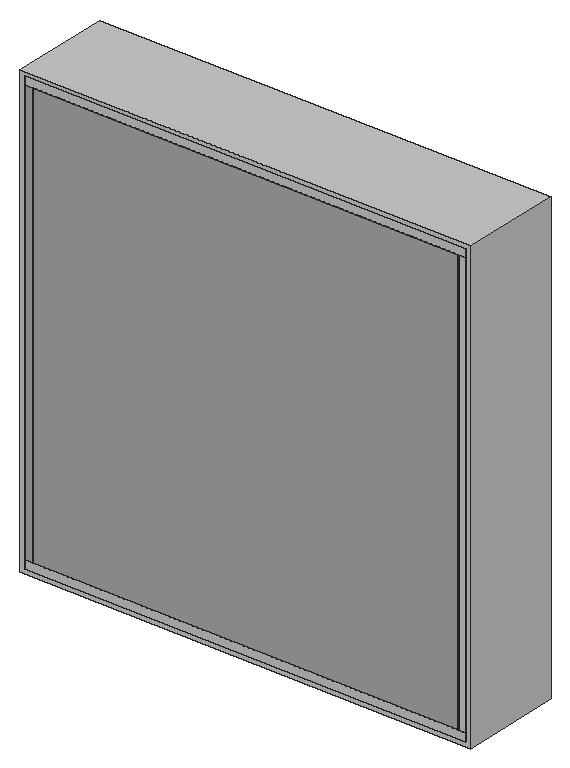
Revit family
Parameters (values of type "Louver_Acoustical_FAA-1245_All-Lite")
  Warranty = "http://www.alllite-louvers.com/All-Lite_Warranty.pdf"
  URL = "http://www.alllite-louvers.com"
  Specifications = "http://www.alllite-louvers.com/catalog/AFAA-1245-csi-specification.doc"
  Spacing = 0.99 ft
  SmartBIM Object Version = 3  # constant formula
  SmartBIM Object Created By = "Reed Construction Data"  # constant formula
  Shim Thickness = 0.042 ft
  Screen Width = Width - (2 * Shim Thickness)  # 4.416 ft
  Screen Height = Height - (2 * Shim Thickness) - 0.166667 ft  # 4.249333 ft
  Screen = Aluminum
  Rough Width = 0.0 ft
  Rough Height = 0.0 ft
  Product URL = "http://www.alllite-louvers.com/catalog.php?model=FAA-1245"
  Pressure Loss (in.wg.) = "0.09"
  OmniClass Title = "Exterior Louvers and Grilles"  # constant formula
  OmniClass Code = "23-60 11 17"  # constant formula
  Model = "FAA-1245"  # constant formula
  Minimum Size = "12\" x 36\""
  Maximum Size - Single Section = "48\" x 120\""
  Maximum Size - Multiple Section = "Unlimited"
  Manufacturer = "All-Lite"  # constant formula
  Blades Width = Width - (2 * Shim Thickness) - 0.166667 ft  # 4.249333 ft
  Blades = Galvannealed Steel
  Height = 4.5 ft
  Free Area for 48”x48” Louver = "26.3%"
  Free Area Velocity (fpm) = "999"
  Free Area (ft²) for 48"x48" Louver = 4.2 ft
  Frame = Galvannealed Steel
  Default Sill Height = 3.0 ft
  Wall Closure = (empty or 0)
  Width = 4.5 ft
  Cut Sheet = "http://www.alllite-louvers.com/catalog/AFAA1245.pdf"
  Assembly Code = "B2010300"
  Air Volume Delivered (cfm) = "4,196"
  95 CSI = "10200 "  # constant formula
  04 CSI = "08 91 00"  # constant formula
  # of Blades = (Height - 0.25 ft) / (Spacing) - 1  # 3
Reference planes (ft)
  plane 1 "Center (Front/Back)": y = 0
  plane 2: z = 0.291667
  plane 3 "Center (Left/Right)": x = 0
  plane 4 "Left": x = -2.25
  plane 5 "Right": x = 2.25
  plane 6 "Sill": z = 3.291667
  plane 7 "Top": z = 7.791667
  plane 8: x = -2.208
  plane 9: x = 2.208
  plane 10: z = 7.749667
  plane 11: z = 3.333667
  plane 12: z = 5.541667
  plane 13: z = 3.417
  plane 14: z = 7.666333
  plane 15: z = 4.417
  plane 16: z = 5.679805
  plane 17: z = 7.173236
  plane 18: x = 2.124667
  plane 19: x = -2.124667
Forms (ft)
  Sweep 1, solid, material "Galvannealed Steel" <- "Frame"
    path origin (-5, 0.5, 0) x (-1, 0, 0) y (0, 0, 1)
      loop
        line (-7.208, 7.749667) -> (-2.792, 7.749667)
    profile "Horizontal Mullion : Horizontal Mullion" origin (0, 0.5, 7.749667) x (0, 0, 1) y (0, 1, 0)
      loop
        line (0, 0) -> (-0.083333, 0) -> (-0.083333, -1) -> (0, -1) -> (0, -0.99349) -> (-0.076583, -0.99349) -> (-0.076583, -0.006628) -> (0, -0.006628) -> (0, 0)
  Sweep 2, solid, material "Galvannealed Steel" <- "Frame"
    path origin (-5, 0.5, 0) x (-1, 0, 0) y (0, 0, 1)
      loop
        line (-7.208, 3.333667) -> (-2.792, 3.333667)
    profile "Horizontal Mullion : Horizontal Mullion" origin (0, 0.5, 3.333667) x (0, 0, 1) y (0, 1, 0)
      loop
        line (0, 0) -> (0, -0.006628) -> (0.076583, -0.006628) -> (0.076583, -0.99349) -> (0, -0.99349) -> (0, -1) -> (0.083333, -1) -> (0.083333, 0) -> (0, 0)
  Sweep 3, solid, material "Galvannealed Steel" <- "Frame"
    path origin (-5, 0.5, 0) x (-1, 0, 0) y (0, 0, 1)
      loop
        line (-7.208, 3.417) -> (-7.208, 7.666333)
    profile "Vertical Mullion : Vertical Mullion" origin (2.208, 0.5, 5.541667) x (1, 0, 0) y (0, 1, 0)
      loop
        line (0, -0.99349) -> (-0.076823, -0.99349) -> (-0.076823, -0.00651) -> (0, -0.00651) -> (0, 0) -> (-0.083333, 0) -> (-0.083333, -1) -> (0, -1) -> (0, -0.99349)
  Sweep 4, solid, material "Galvannealed Steel" <- "Frame"
    path origin (5, 0.5, 0) x (1, 0, 0) y (0, 0, -1)
      loop
        line (-7.208, -3.417) -> (-7.208, -7.666333)
    profile "Vertical Mullion-1 : Vertical Mullion-1" origin (-2.208, 0.5, 5.541667) x (1, 0, 0) y (0, 1, 0)
      loop
        line (0, -0.986979) -> (0, -0.99349) -> (0.083333, -0.99349) -> (0.083333, 0) -> (0, 0) -> (0, -0.00651) -> (0.076823, -0.00651) -> (0.076823, -0.986979) -> (0, -0.986979)
  Sweep 5, solid, material "Galvannealed Steel" <- "Frame"
    path origin (-5, 0.5, 0) x (-1, 0, 0) y (0, 0, 1)
      loop
        line (-2.75, 7.791667) -> (-7.25, 7.791667) -> (-7.25, 3.291667) -> (-2.75, 3.291667) -> (-2.75, 7.791667)
    profile origin (-2.25, 0.5, 5.541667) x (0, 1, 0) y (-1, 0, 0)
      loop
        line (0, 0) -> (-1, 0) -> (-1, -0.042) -> (0, -0.042) -> (0, 0)
  Extrusion 6, solid, material "Aluminum" <- "Screen"
    sketch origin (-5, 0.5, 0) x (-1, 0, 0) y (0, 0, 1)
      loop
        line (-2.792, 7.666333) -> (-7.208, 7.666333) -> (-7.208, 3.417) -> (-2.792, 3.417) -> (-2.792, 7.666333)
    from -0.99349 to -1
  Extrusion 7, solid, material "Galvannealed Steel" <- "Blades"
    sketch origin (0, 0, 0) x (0, 1, 0) y (0, 0, 1)
      loop
        line (-0.49349, 7.666333) -> (0.493372, 6.679472) -> (0.493372, 7.666333) -> (-0.49349, 7.666333)
    from -2.124667 to 2.124667
  Extrusion 8, solid, material "Galvannealed Steel" <- "Blades"
    sketch origin (0, 0, 0) x (0, 1, 0) y (0, 0, 1)
      loop
        line (-0.486979, 3.417) -> (0.480352, 3.417)
        arc (0.480352, 3.417) -> (0.21015, 4.12349) -> (-0.486979, 4.417) r 0.963217
        line (-0.486979, 4.417) -> (-0.486979, 3.417)
    from -2.124667 to 2.124667
Lines and regions (ft)
  Opening 1
    outline origin (-5, -0.5, 0) x (1, 0, 0) y (0, 0, 1)
      loop
        line (2.75, 7.791667) -> (2.75, 3.291667) -> (7.25, 3.291667) -> (7.25, 7.791667) -> (2.75, 7.791667)
  Masking region 1, detail levels coarse+medium
    outline origin (0, 0, 0) x (1, 0, 0) y (0, 1, 0)
      loop
        line (-2.124667, 0.5) -> (-2.25, 0.5) -> (-2.25, -0.5) -> (-2.124667, -0.5) -> (-2.124667, 0.5)
      loop
        line (2.25, -0.5) -> (2.25, 0.5) -> (2.124667, 0.5) -> (2.124667, -0.5) -> (2.25, -0.5)
  Masking region 2, detail levels fine
    outline origin (0, 0, 0) x (1, 0, 0) y (0, 1, 0)
      loop
        line (2.131177, 0.49349) -> (2.208, 0.49349) -> (2.208, 0.5) -> (2.124667, 0.5) -> (2.124667, -0.5) -> (2.208, -0.5) -> (2.208, -0.49349) -> (2.131177, -0.49349) -> (2.131177, 0.49349)
      loop
        line (-2.124667, 0.5) -> (-2.208, 0.5) -> (-2.208, 0.49349) -> (-2.131177, 0.49349) -> (-2.131177, -0.486979) -> (-2.208, -0.486979) -> (-2.208, -0.49349) -> (-2.124667, -0.49349) -> (-2.124667, 0.5)
Text (ft)
  text "EXTERIOR" at (-4.890733, 4.242245, 0), in view "Ref. Level"
  text "INTERIOR" at (-4.890733, -3.147199, 0), in view "Ref. Level"
  text "Exterior" at (0, 3.638026, 10.266337), in view "Left"
  text "Exterior" at (0, 1.524487, 10.420622), in view "Right"
Dimensions and locks (ft)
  equal spacing: plane 4 "Left", plane 3 "Center (Left/Right)", plane 5 "Right"
  "Width": plane 4 "Left" to plane 5 "Right"
  "Height": plane 6 "Sill" to plane 7 "Top"
  "Default Sill Height": plane 2 to plane 6 "Sill"
  "Shim Thickness": plane 4 "Left" to plane 8
  "Shim Thickness": plane 9 to plane 5 "Right"
  "Shim Thickness": plane 10 to plane 7 "Top"
  "Shim Thickness": plane 6 "Sill" to plane 11
  equal spacing: plane 11, plane 12, plane 10
  locked: plane 13 to plane 11 at 0.083333
  locked: plane 10 to plane 14 at 0.083333
  Extrusion 6 to plane 6 "Sill" = 0.125333 ft
  locked: plane 14 to Extrusion 7 sketch curve at 0.986862
  locked: plane 15 to plane 13 at 1
  equal spacing: group 1, group 3, group 2  (x3)
  locked: plane 7 "Top" to plane 17 at 0.618431
  locked: plane 18 to plane 9 at 0.083333
  locked: plane 19 to plane 8 at 0.083333
  aligned and locked: plane 7 "Top" to Opening 1 sketch curve
  aligned and locked: plane 6 "Sill" to Opening 1 sketch curve  (x2)
  aligned and locked: plane 5 "Right" to Opening 1 sketch curve
  aligned and locked: plane 4 "Left" to Opening 1 sketch curve
  aligned and locked: plane 10 to Sweep 1 sketch curve
  aligned and locked: plane 8 to Sweep 1 sketch curve
  aligned and locked: plane 9 to Sweep 1 sketch curve
  aligned and locked: Sweep 2 sketch curve to plane 11
  aligned and locked: plane 9 to Sweep 2 sketch curve
  aligned and locked: plane 8 to Sweep 2 sketch curve
  aligned and locked: plane 9 to Sweep 3 sketch curve
  aligned and locked: Sweep 4 sketch curve to plane 8
  aligned and locked: Sweep 1 to Sweep 4 sketch curve
  aligned and locked: Sweep 5 sketch curve to plane 4 "Left"
  aligned and locked: Sweep 5 sketch curve to plane 7 "Top"
  aligned and locked: Sweep 5 sketch curve to plane 6 "Sill"
  aligned and locked: Sweep 5 sketch curve to plane 5 "Right"
  aligned and locked: Sweep 5 sketch curve to host wall  (x2)
  aligned and locked: plane 8 to Sweep 5 sketch curve
  aligned and locked: plane 14 to Sweep 3 sketch curve
  aligned and locked: Sweep 5 to Extrusion 6 sketch curve  (x2)
  aligned and locked: Extrusion 7 sketch curve to plane 14
  aligned and locked: Extrusion 7 sketch curve to Sweep 1
  aligned and locked: Extrusion 8 sketch curve to Sweep 4
  aligned and locked: Extrusion 8 sketch curve to plane 13
  aligned and locked: plane 15 to Extrusion 8 sketch curve
  aligned and locked: plane 15 to nested 1
  aligned and locked: nested 1 to Sweep 4
  aligned and locked: Extrusion 6 to Sweep 3
  aligned and locked: Extrusion 6 sketch curve to plane 14
  aligned and locked: nested 2 to Sweep 4
  aligned and locked: nested 2 to plane 17
  aligned and locked: Extrusion 7 to plane 18
  aligned and locked: Extrusion 7 to plane 19
  aligned and locked: Extrusion 8 to plane 18
  aligned and locked: Extrusion 8 to plane 19
  aligned and locked: Extrusion 7 sketch curve to Extrusion 6
  aligned and locked: Masking region 1 sketch curve to Sweep 4
  aligned and locked: Masking region 1 sketch curve to plane 4 "Left"
  aligned and locked: plane 19 to Masking region 1 sketch curve
  aligned and locked: Masking region 1 sketch curve to plane 5 "Right"
  aligned and locked: Masking region 1 sketch curve to plane 18
  aligned and locked: Masking region 1 sketch curve to Sweep 3
  aligned and locked: Sweep 5 to Masking region 1 sketch curve
  aligned and locked: Masking region 2 sketch curve to Sweep 3  (x3)
  aligned and locked: plane 9 to Masking region 2 sketch curve  (x2)
  aligned and locked: Masking region 2 sketch curve to plane 18
  aligned and locked: Masking region 2 sketch curve to Extrusion 6
  aligned and locked: Extrusion 6 to Masking region 2 sketch curve
  aligned and locked: Masking region 2 sketch curve to Sweep 4  (x5)
  aligned and locked: plane 19 to Masking region 2 sketch curve
  aligned and locked: Masking region 2 sketch curve to plane 8  (x2)
  aligned and locked: Masking region 1 sketch curve to Extrusion 6
  aligned and locked: Extrusion 6 to plane 13
Automatic sketch dimensions
  Extrusion 6 sketch curve to plane 6 "Sill" = 0.125333 ft
  Sweep 3 sketch curve to plane 13 = 0.0 ft
  Sweep 4 sketch curve to plane 13 = 0.0 ft
  Sweep 5 sketch curve to profile plane = 1.0 ft
  Extrusion 8 sketch curve to host wall = 0.017838 ft
  Extrusion 8 sketch curve to host wall = 0.019648 ft
Nested families (ft)
  nested 1: "Louver" at (0, -0.00001, 4.417), type "Louver"
    with Louver Length 4.249333 ft
  nested 2: "Louver" at (0, -0.00001, 6.186705), type "Louver"
    with Louver Length 4.249333 ft
  nested 3: "Louver" at (0, -0.00001, 5.301852), type "Louver"
    with Louver Length 4.249333 ft
Connectors (ft)
  hvac at (0, -0.5, 5.541667), driven by "Screen Height", driven by "Screen Width"
    settings: on Extrusion 6, index 1
Definition of nested family "Louver"
  Parameters (values of type "Louver")
    Louver Length = 0.75 ft
    Louver Array = yes
    Louver = none
    Assembly Code = ""
  Reference planes (ft)
    plane 1 "Center (Front/Back)": y = 0
    plane 2: z = 0
    plane 3 "Center (Left/Right)": x = 0
    plane 4: x = -0.375
    plane 5: x = 0.375
    plane 6: y = 0.5
    plane 7: y = -0.5
    plane 8: y = 0.4935
    plane 9: y = -0.48699
    plane 10: through (0, -0.48699, 0.986531) normal (0, -0.7071, -0.7071)
    plane 11: z = 0.986531
  Forms (ft)
    Extrusion 1, solid, material <- "Louver", visible <- "Louver Array"
      sketch origin (0, -0.0065, -0.014696) x (0, 1, 0) y (0, 0, 1)
        loop
          arc (0.5, 0.014696) -> (0.368351, 0.402586) -> (0.122587, 0.730291) r 1.30056
          arc (0.122587, 0.730291) -> (-0.155213, 0.918599) -> (-0.48049, 1.001227) r 0.972179
          arc (-0.48049, 1.001227) -> (-0.401423, 0.675269) -> (-0.215594, 0.396042) r 0.965321
          arc (-0.215594, 0.396042) -> (0.111495, 0.147747) -> (0.5, 0.014696) r 1.291384
      from -0.375 to 0.375
  Dimensions and locks (ft)
    equal spacing: plane 4, plane 3 "Center (Left/Right)", plane 5
    "Louver Length": plane 4 to plane 5
    aligned and locked: Extrusion 1 to plane 4
    aligned and locked: plane 5 to Extrusion 1
  Automatic sketch dimensions
    Extrusion 1 sketch curve to plane 9 = 0.0 ft
    Extrusion 1 sketch curve to plane 8 = 0.0 ft
    plane 7 to Extrusion 1 sketch curve = 0.060113 ft
    Extrusion 1 sketch curve to level = 0.218828 ft
    plane 7 to Extrusion 1 sketch curve = 0.288518 ft
    plane 1 "Center (Front/Back)" to Extrusion 1 sketch curve = 0.222094 ft
    Extrusion 1 sketch curve to Extrusion 1 sketch curve = 0.0 ft  (x2)
    Extrusion 1 sketch curve to plane 1 "Center (Front/Back)" = 0.116087 ft
    Extrusion 1 sketch curve to plane 8 = 0.017106 ft
    plane 6 to Extrusion 1 sketch curve = 0.212328 ft
    Extrusion 1 sketch curve to level = 0.0 ft
